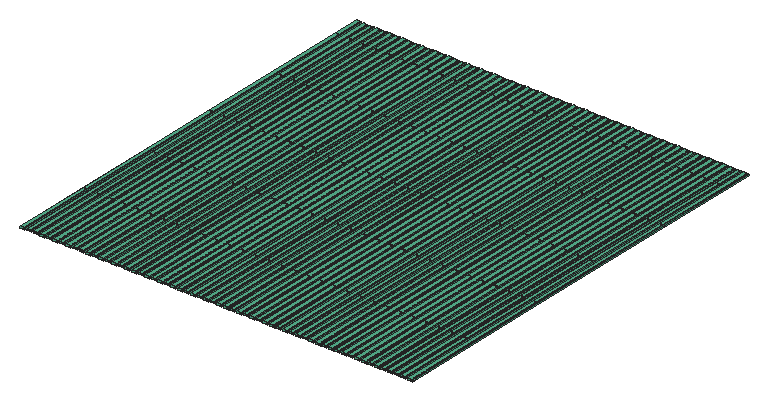
Revit family "2313-4, Veneer", category Generic Models, host Ceiling, Revit 2020
Family settings
  Host = Ceiling
  Can host rebar = No
  Round Connector Dimension = Use Diameter
  Part Type = Normal
  Always vertical = Yes
  Cut with Voids When Loaded = No
  Shared = No
  Room Calculation Point = No
Parameters
  OC SPACING [instance] = .. MEMBER WIDTH + 0' 0 3/4"  # 0' - 3"
  PROJECT WIDTH [instance] = 15' - 0"
  PROJECT LENGTH [instance] = 16' - 0"
  PANELS COUNT 2 [instance] = rounddown((PROJECT LENGTH - .. MEMBER LENGTH 3) / .. MEMBER LENGTH 2)  # 2
  PANELS COUNT [instance] = rounddown(PROJECT LENGTH / .. MEMBER LENGTH 2)  # 2
  MEMBER WIDTH COUNT 2 [instance] = (PROJECT WIDTH / OC SPACING) / 2  # 30
  .. MEMBER WIDTH COUNT [instance] = (PROJECT WIDTH / OC SPACING) / 2  # 30
  .. MEMBER MATERIAL [instance] = 9WOOD WESTERN HEMLOCK
  .. MEMBER LENGTH 4 [instance] = ((PROJECT LENGTH - .. MEMBER LENGTH 3) - (PANELS COUNT 2 * .. MEMBER LENGTH 2))  # 1' - 0"
  .. MEMBER LENGTH 3 [instance] = .. MEMBER LENGTH 2 / 2  # 3' - 0"
  INDENT [instance] = 0' - 0 5/8"
  Default Elevation = 0' - 0"
  .. MEMBER WIDTH [instance] = 0' - 2 1/4"  # constant formula
  .. MEMBER LENGTH 2 [instance] = 6' - 0"
  .. MEMBER LENGTH [instance] = PROJECT LENGTH - (PANELS COUNT * .. MEMBER LENGTH 2)  # 4' - 0"
  .. MEMBER DEPTH [instance] = 0' - 0 3/4"
Reference planes (in)
  plane 1 "Center (Front/Back)": y = 0
  plane 2 "Ceiling": z = 96
  plane 3 "Center (Left/Right)": x = 0
  plane 4: y = 72
  plane 5: y = 144
  plane 6: y = 108
  plane 7: y = 36
  plane 8: y = 192
  plane 9: y = 144
  plane 10: y = 180
  plane 11: x = 180
  plane 12: x = 3
Dimensions and locks (in)
  equal spacing: host sketch curve, plane 3 "Center (Left/Right)", host sketch curve
  equal spacing: host sketch curve, plane 1 "Center (Front/Back)", host sketch curve
  host sketch curve to host sketch curve = 10' - 0"  (x2)
  group 1 to group 2 = 0' - 0"  (x2)
  group 1 to group 2 = 6' - 0"
  ".. MEMBER LENGTH 2": plane 5 to plane 4
  ".. MEMBER LENGTH 2": plane 6 to plane 7
  "PROJECT LENGTH": plane 1 "Center (Front/Back)" to plane 8
  group 3 to group 4 = 0' - 0"  (x2)
  group 3 to group 4 = 6' - 0"
  ".. MEMBER LENGTH 3": plane 1 "Center (Front/Back)" to plane 7
  ".. MEMBER LENGTH 2": plane 1 "Center (Front/Back)" to plane 4
  ".. MEMBER LENGTH": plane 8 to plane 9
  ".. MEMBER LENGTH 4": plane 8 to plane 10
  "PROJECT WIDTH": plane 3 "Center (Left/Right)" to plane 11
  "OC SPACING": plane 3 "Center (Left/Right)" to plane 12
  aligned and locked: plane 1 "Center (Front/Back)" to nested 1
  aligned and locked: nested 2 to plane 4
  aligned and locked: nested 4 to plane 4
  aligned and locked: plane 7 to nested 3
  aligned and locked: plane 6 to nested 3
  aligned and locked: nested 6 to plane 6
  aligned and locked: nested 5 to plane 9
  aligned and locked: nested 7 to plane 10
  aligned and locked: plane 12 to nested 2
  aligned and locked: plane 12 to nested 4
  aligned and locked: plane 12 to nested 5
Nested families (in)
  nested 1: "(COPY 1) 2300 STAGGERED" at (0, 0, 85.44644), .. MEMBER DEPTH <- ".. MEMBER DEPTH", .. MEMBER WIDTH <- ".. MEMBER WIDTH", INDENT <- "INDENT", MEMBER LENGTH <- ".. MEMBER LENGTH 3", REVEAL <- "OC SPACING", MEMBER 1 COUNT <- ".. MEMBER WIDTH COUNT", .. MEMBER MATERIAL <- ".. MEMBER MATERIAL", type "(COPY 1) 2300 STAGGERED"
    with REVEAL X2 0' - 6", REVEAL 0' - 3", MEMBER LENGTH 2 1' - 6", MEMBER LENGTH 3' - 0", MEMBER COUNT 2 5, MEMBER 1 COUNT 30, INDENT 0' - 0 5/8", .. MEMBER WIDTH 0' - 2 1/4", .. MEMBER MATERIAL 9WOOD WESTERN HEMLOCK, .. MEMBER DEPTH 0' - 0 3/4"
  nested 2: "(COPY 1) 2300 STAGGERED" at (3, 0, 85.44644), .. MEMBER DEPTH <- ".. MEMBER DEPTH", .. MEMBER WIDTH <- ".. MEMBER WIDTH", INDENT <- "INDENT", MEMBER LENGTH <- ".. MEMBER LENGTH 2", MEMBER 1 COUNT <- "MEMBER WIDTH COUNT 2", REVEAL <- "OC SPACING", .. MEMBER MATERIAL <- ".. MEMBER MATERIAL", type "(COPY 1) 2300 STAGGERED"
    with REVEAL X2 0' - 6", REVEAL 0' - 3", MEMBER LENGTH 2 3' - 0", MEMBER LENGTH 6' - 0", MEMBER COUNT 2 5, MEMBER 1 COUNT 30, INDENT 0' - 0 5/8", .. MEMBER WIDTH 0' - 2 1/4", .. MEMBER MATERIAL 9WOOD WESTERN HEMLOCK, .. MEMBER DEPTH 0' - 0 3/4"
  nested 3: "(COPY 1) 2300 STAGGERED" at (0, 36, 85.44644), .. MEMBER DEPTH <- ".. MEMBER DEPTH", .. MEMBER WIDTH <- ".. MEMBER WIDTH", INDENT <- "INDENT", MEMBER LENGTH <- ".. MEMBER LENGTH 2", MEMBER 1 COUNT <- ".. MEMBER WIDTH COUNT", REVEAL <- "OC SPACING", .. MEMBER MATERIAL <- ".. MEMBER MATERIAL", type "(COPY 1) 2300 STAGGERED"
    with REVEAL X2 0' - 6", REVEAL 0' - 3", MEMBER LENGTH 2 3' - 0", MEMBER LENGTH 6' - 0", MEMBER COUNT 2 5, MEMBER 1 COUNT 30, INDENT 0' - 0 5/8", .. MEMBER WIDTH 0' - 2 1/4", .. MEMBER MATERIAL 9WOOD WESTERN HEMLOCK, .. MEMBER DEPTH 0' - 0 3/4"
  nested 4: "(COPY 1) 2300 STAGGERED" at (3, 72, 85.44644), .. MEMBER DEPTH <- ".. MEMBER DEPTH", .. MEMBER WIDTH <- ".. MEMBER WIDTH", INDENT <- "INDENT", MEMBER LENGTH <- ".. MEMBER LENGTH 2", MEMBER 1 COUNT <- "MEMBER WIDTH COUNT 2", REVEAL <- "OC SPACING", .. MEMBER MATERIAL <- ".. MEMBER MATERIAL", type "(COPY 1) 2300 STAGGERED"
    with REVEAL X2 0' - 6", REVEAL 0' - 3", MEMBER LENGTH 2 3' - 0", MEMBER LENGTH 6' - 0", MEMBER COUNT 2 5, MEMBER 1 COUNT 30, INDENT 0' - 0 5/8", .. MEMBER WIDTH 0' - 2 1/4", .. MEMBER MATERIAL 9WOOD WESTERN HEMLOCK, .. MEMBER DEPTH 0' - 0 3/4"
  nested 5: "(COPY 1) 2300 STAGGERED" at (3, 144, 85.44644), .. MEMBER DEPTH <- ".. MEMBER DEPTH", .. MEMBER WIDTH <- ".. MEMBER WIDTH", INDENT <- "INDENT", MEMBER LENGTH <- ".. MEMBER LENGTH", REVEAL <- "OC SPACING", MEMBER 1 COUNT <- "MEMBER WIDTH COUNT 2", .. MEMBER MATERIAL <- ".. MEMBER MATERIAL", type "(COPY 1) 2300 STAGGERED"
    with REVEAL X2 0' - 6", REVEAL 0' - 3", MEMBER LENGTH 2 2' - 0", MEMBER LENGTH 4' - 0", MEMBER COUNT 2 5, MEMBER 1 COUNT 30, INDENT 0' - 0 5/8", .. MEMBER WIDTH 0' - 2 1/4", .. MEMBER MATERIAL 9WOOD WESTERN HEMLOCK, .. MEMBER DEPTH 0' - 0 3/4"
  nested 6: "(COPY 1) 2300 STAGGERED" at (0, 108, 85.44644), .. MEMBER DEPTH <- ".. MEMBER DEPTH", .. MEMBER WIDTH <- ".. MEMBER WIDTH", INDENT <- "INDENT", MEMBER LENGTH <- ".. MEMBER LENGTH 2", MEMBER 1 COUNT <- ".. MEMBER WIDTH COUNT", REVEAL <- "OC SPACING", .. MEMBER MATERIAL <- ".. MEMBER MATERIAL", type "(COPY 1) 2300 STAGGERED"
    with REVEAL X2 0' - 6", REVEAL 0' - 3", MEMBER LENGTH 2 3' - 0", MEMBER LENGTH 6' - 0", MEMBER COUNT 2 5, MEMBER 1 COUNT 30, INDENT 0' - 0 5/8", .. MEMBER WIDTH 0' - 2 1/4", .. MEMBER MATERIAL 9WOOD WESTERN HEMLOCK, .. MEMBER DEPTH 0' - 0 3/4"
  nested 7: "(COPY 1) 2300 STAGGERED" at (0, 180, 85.44644), .. MEMBER DEPTH <- ".. MEMBER DEPTH", .. MEMBER WIDTH <- ".. MEMBER WIDTH", INDENT <- "INDENT", MEMBER LENGTH <- ".. MEMBER LENGTH 4", REVEAL <- "OC SPACING", MEMBER 1 COUNT <- ".. MEMBER WIDTH COUNT", .. MEMBER MATERIAL <- ".. MEMBER MATERIAL", type "(COPY 1) 2300 STAGGERED"
    with REVEAL X2 0' - 6", REVEAL 0' - 3", MEMBER LENGTH 2 0' - 6", MEMBER LENGTH 1' - 0", MEMBER COUNT 2 3, MEMBER 1 COUNT 30, INDENT 0' - 0 5/8", .. MEMBER WIDTH 0' - 2 1/4", .. MEMBER MATERIAL 9WOOD WESTERN HEMLOCK, .. MEMBER DEPTH 0' - 0 3/4"
Definition of nested family "(COPY 1) 2300 STAGGERED"
  Parameters (values of type "(COPY 1) 2300 STAGGERED")
    REVEAL X2 [instance] = REVEAL * 2  # 0' - 8"
    REVEAL [instance] = 0' - 4"
    MEMBER LENGTH 2 [instance] = MEMBER LENGTH / 2  # 3' - 0"
    MEMBER LENGTH [instance] = 6' - 0"
    MEMBER COUNT 2 [instance] = 5
    MEMBER 1 COUNT [instance] = 5
    INDENT [instance] = 0' - 0 5/8"
    Default Elevation = 0' - 0"
    .. MEMBER WIDTH [instance] = 0' - 3 1/4"
    .. MEMBER MATERIAL [instance] = none
    .. MEMBER DEPTH [instance] = 0' - 0 3/4"
  Reference planes (in)
    plane 1 "Center (Front/Back)": y = 0
    plane 2: z = 0
    plane 3 "Center (Left/Right)": x = 0
    plane 4: x = 8
    plane 5: x = 4
    plane 6: x = 12
  Dimensions and locks (in)
    equal spacing: group 1, group 2, group 3, group 4, group 5  (x3)
    "REVEAL X2": plane 3 "Center (Left/Right)" to plane 4
    "REVEAL": plane 3 "Center (Left/Right)" to plane 5
    "REVEAL X2": plane 5 to plane 6
    aligned and locked: plane 2 to level
    aligned and locked: plane 4 to nested 2
    aligned and locked: plane 1 "Center (Front/Back)" to nested 1
    aligned and locked: plane 1 "Center (Front/Back)" to nested 2
    aligned and locked: nested 2 to plane 4
  Nested families (in)
    nested 1: "2300 DEV" at (0, 0, 0), MEMBER LENGTH <- "MEMBER LENGTH", MEMBER MATERIAL <- ".. MEMBER MATERIAL", MEMBER WIDTH <- ".. MEMBER WIDTH", MEMBER DEPTH <- ".. MEMBER DEPTH", INDENT <- "INDENT", type "2300 DEV"
      with MEMBER WIDTH 0' - 3 1/4", MEMBER MATERIAL none, MEMBER LENGTH 6' - 0", MEMBER DEPTH 0' - 0 3/4", INDENT 0' - 0 5/8"
    nested 2: "2300 DEV" at (8, 0, 0), MEMBER LENGTH <- "MEMBER LENGTH", MEMBER MATERIAL <- ".. MEMBER MATERIAL", MEMBER WIDTH <- ".. MEMBER WIDTH", MEMBER DEPTH <- ".. MEMBER DEPTH", INDENT <- "INDENT", type "2300 DEV"
      with MEMBER WIDTH 0' - 3 1/4", MEMBER MATERIAL none, MEMBER LENGTH 6' - 0", MEMBER DEPTH 0' - 0 3/4", INDENT 0' - 0 5/8"
    nested 3: "2300 DEV" at (16, 0, 0), MEMBER LENGTH <- "MEMBER LENGTH", MEMBER MATERIAL <- ".. MEMBER MATERIAL", MEMBER WIDTH <- ".. MEMBER WIDTH", MEMBER DEPTH <- ".. MEMBER DEPTH", INDENT <- "INDENT", type "2300 DEV"
      with MEMBER WIDTH 0' - 3 1/4", MEMBER MATERIAL none, MEMBER LENGTH 6' - 0", MEMBER DEPTH 0' - 0 3/4", INDENT 0' - 0 5/8"
    nested 4: "2300 DEV" at (24, 0, 0), MEMBER LENGTH <- "MEMBER LENGTH", MEMBER MATERIAL <- ".. MEMBER MATERIAL", MEMBER WIDTH <- ".. MEMBER WIDTH", MEMBER DEPTH <- ".. MEMBER DEPTH", INDENT <- "INDENT", type "2300 DEV"
      with MEMBER WIDTH 0' - 3 1/4", MEMBER MATERIAL none, MEMBER LENGTH 6' - 0", MEMBER DEPTH 0' - 0 3/4", INDENT 0' - 0 5/8"
    nested 5: "2300 DEV" at (32, 0, 0), MEMBER LENGTH <- "MEMBER LENGTH", MEMBER MATERIAL <- ".. MEMBER MATERIAL", MEMBER WIDTH <- ".. MEMBER WIDTH", MEMBER DEPTH <- ".. MEMBER DEPTH", INDENT <- "INDENT", type "2300 DEV"
      with MEMBER WIDTH 0' - 3 1/4", MEMBER MATERIAL none, MEMBER LENGTH 6' - 0", MEMBER DEPTH 0' - 0 3/4", INDENT 0' - 0 5/8"
  Definition of nested family "2300 DEV"
    Parameters (values of type "2300 DEV")
      MEMBER WIDTH [instance] = 0' - 2 1/4"
      MEMBER MATERIAL [instance] = none
      MEMBER LENGTH [instance] = 2' - 6"
      MEMBER DEPTH [instance] = 0' - 0 5/8"
      INDENT [instance] = 0' - 0 5/8"
      Default Elevation = 0' - 0"
    Reference planes (in)
      plane 1 "Center (Front/Back)": y = 0
      plane 2: z = 10.55356
      plane 3 "Center (Left/Right)": x = 0
      plane 4: x = 2.25
      plane 5: x = 1.625
      plane 6: x = 0.625
      plane 7: z = 9.92856
      plane 8: x = 0.25
      plane 9: x = 2
      plane 10: y = 30
    Forms (in)
      Extrusion 1, void, not visible
        sketch origin (-0.375, 0, 0) x (1, 0, 0) y (0, 0, 1)
          loop
            line (4.125, 11.30356) -> (4.125, 11.17856) -> (4.0625, 11.11606) -> (3.75, 11.11606) -> (3.75, 10.92856) -> (4.25, 10.92856) -> (4.65478, 10.92856) -> (4.65478, 11.30356) -> (4.25, 11.30356) -> (4.125, 11.30356)
        from 0 to 30
      Extrusion 2, void, not visible
        sketch origin (4.5, 0, 0) x (-1, 0, 0) y (0, 0, 1)
          loop
            line (4.5, 11.30356) -> (4.25, 11.30356) -> (4.25, 11.17856) -> (4.1875, 11.11606) -> (3.875, 11.11606) -> (3.875, 10.92856) -> (4.78125, 10.92856) -> (4.78125, 11.30356) -> (4.5, 11.30356)
        from 0 to 30
      Extrusion 3, solid, material <- "MEMBER MATERIAL"
        sketch origin (0, 0, -0.75) x (1, 0, 0) y (0, 0, 1)
          loop
            line (0, 11.30356) -> (0, 10.67856) -> (2.25, 10.67856) -> (2.25, 11.30356) -> (0, 11.30356)
        from 0 to -30
      Extrusion 4, void
        sketch origin (0, 0, 0) x (1, 0, 0) y (0, 0, 1)
          loop
            line (2.53125, 10.55356) -> (2, 10.55356) -> (2, 10.42856) -> (1.9375, 10.36606) -> (1.625, 10.36606) -> (1.625, 10.17856) -> (2.53125, 10.17856) -> (2.53125, 10.55356)
        from 0 to -30
      Extrusion 5, void, not visible
        sketch origin (0, 0, 0) x (1, 0, 0) y (0, 0, 1)
          loop
            line (2.53125, 10.55356) -> (2, 10.55356) -> (2, 10.42856) -> (1.9375, 10.36606) -> (1.625, 10.36606) -> (1.625, 10.17856) -> (2.53125, 10.17856) -> (2.53125, 10.55356)
        from 0 to 12
      Extrusion 6, void
        sketch origin (0, 0, 0) x (1, 0, 0) y (0, 0, 1)
          loop
            line (-0.28125, 10.55356) -> (-0.28125, 10.17856) -> (0.625, 10.17856) -> (0.625, 10.36606) -> (0.3125, 10.36606) -> (0.25, 10.42856) -> (0.25, 10.55356) -> (-0.28125, 10.55356)
        from 0 to -30
    Cuts and joins
      Extrusion 4, Extrusion 6 cuts Extrusion 3
    Lines and regions (in)
      model lines, not visible
        curve 1: line (9.45582, 0, 10.55356) -> (14.70582, 0, 10.55356)
        curve 2: line (14.70582, 0, 10.55356) -> (14.70582, 0, 10.92856)
        curve 3: line (14.70582, 0, 10.92856) -> (14.20582, 0, 10.92856)
        curve 4: line (14.20582, 0, 10.92856) -> (14.20582, 0, 11.11606)
        curve 5: line (14.20582, 0, 11.11606) -> (14.51832, 0, 11.11606)
        curve 6: line (14.58082, 0, 11.30356) -> (14.58082, 0, 11.17856)
        curve 7: line (14.58082, 0, 11.17856) -> (14.51832, 0, 11.11606)
        curve 8: line (14.58082, 0, 11.30356) -> (9.58082, 0, 11.30356)
        curve 9: line (9.45582, 0, 10.55356) -> (9.45582, 0, 10.92856)
        curve 10: line (9.45582, 0, 10.92856) -> (9.95582, 0, 10.92856)
        curve 11: line (9.95582, 0, 10.92856) -> (9.95582, 0, 11.11606)
        curve 12: line (9.95582, 0, 11.11606) -> (9.64332, 0, 11.11606)
        curve 13: line (9.58082, 0, 11.30356) -> (9.58082, 0, 11.17856)
        curve 14: line (9.58082, 0, 11.17856) -> (9.64332, 0, 11.11606)
        curve 15: line (5.25, 0, 10.55356) -> (5.25, 0, 10.92856)
        curve 16: line (5.25, 0, 10.92856) -> (4.75, 0, 10.92856)
        curve 17: line (4.75, 0, 10.92856) -> (4.75, 0, 11.11606)
        curve 18: line (4.75, 0, 11.11606) -> (5.0625, 0, 11.11606)
        curve 19: line (5.125, 0, 11.30356) -> (5.125, 0, 11.17856)
        curve 20: line (5.125, 0, 11.17856) -> (5.0625, 0, 11.11606)
    Dimensions and locks (in)
      "MEMBER WIDTH": plane 3 "Center (Left/Right)" to plane 4
      "INDENT": plane 4 to plane 5
      "INDENT": plane 6 to plane 3 "Center (Left/Right)"
      "MEMBER DEPTH": plane 7 to level
      locked: plane 5 to plane 9 at 0.375
      locked: plane 8 to plane 6 at 0.375
      "MEMBER LENGTH": plane 1 "Center (Front/Back)" to plane 10
      aligned and locked: plane 2 to level
      aligned and locked: Extrusion 3 sketch curve to plane 4
      aligned and locked: plane 7 to Extrusion 3
      aligned and locked: level to Extrusion 3
      aligned and locked: Extrusion 3 to plane 1 "Center (Front/Back)"
      aligned and locked: cut or joined group of Extrusion 3, Extrusion 4, Extrusion 6 to plane 5
      aligned and locked: plane 6 to cut or joined group of Extrusion 3, Extrusion 4, Extrusion 6
      aligned and locked: plane 1 "Center (Front/Back)" to cut or joined group of Extrusion 3, Extrusion 4, Extrusion 6
      aligned and locked: plane 9 to cut or joined group of Extrusion 3, Extrusion 4, Extrusion 6
      aligned and locked: plane 8 to cut or joined group of Extrusion 3, Extrusion 4, Extrusion 6
      aligned and locked: plane 10 to cut or joined group of Extrusion 3, Extrusion 4, Extrusion 6
      aligned and locked: plane 10 to Extrusion 4
      aligned and locked: plane 10 to Extrusion 6
    Automatic sketch dimensions
      Extrusion 1 sketch curve to Extrusion 1 sketch curve = 0' - 0 1/16"  (x2)
      Extrusion 1 sketch curve to Extrusion 1 sketch curve = 0' - 0.40478"
      Extrusion 1 sketch curve to Extrusion 1 sketch curve = 0' - 0 3/16"  (x2)
      Extrusion 1 sketch curve to Extrusion 1 sketch curve = 0' - 0 1/8"  (x2)
      Extrusion 1 sketch curve to Extrusion 1 sketch curve = 0' - 0 5/16"
      Extrusion 2 sketch curve to Extrusion 2 sketch curve = 0' - 0 3/16"  (x2)
      Extrusion 2 sketch curve to Extrusion 2 sketch curve = 0' - 0 1/16"  (x2)
      Extrusion 2 sketch curve to Extrusion 2 sketch curve = 0' - 0 9/32"
      Extrusion 2 sketch curve to Extrusion 2 sketch curve = 0' - 0 1/4"
      Extrusion 2 sketch curve to Extrusion 2 sketch curve = 0' - 0 5/16"
      Extrusion 4 sketch curve to Extrusion 4 sketch curve = 0' - 0 5/16"
      Extrusion 4 sketch curve to Extrusion 4 sketch curve = 0' - 0 1/16"  (x2)
      Extrusion 4 sketch curve to Extrusion 4 sketch curve = 0' - 0 3/16"
      Extrusion 4 sketch curve to Extrusion 4 sketch curve = 0' - 0 17/32"
      Extrusion 4 sketch curve to Extrusion 4 sketch curve = 0' - 0 3/8"
      Extrusion 5 sketch curve to Extrusion 5 sketch curve = 0' - 0 5/16"
      Extrusion 5 sketch curve to Extrusion 5 sketch curve = 0' - 0 1/16"  (x2)
      Extrusion 5 sketch curve to Extrusion 5 sketch curve = 0' - 0 3/16"
      Extrusion 5 sketch curve to Extrusion 5 sketch curve = 0' - 0 17/32"
      Extrusion 5 sketch curve to Extrusion 5 sketch curve = 0' - 0 3/8"
      Extrusion 6 sketch curve to Extrusion 6 sketch curve = 0' - 0 5/16"
      Extrusion 6 sketch curve to Extrusion 6 sketch curve = 0' - 0 1/16"  (x2)
      Extrusion 6 sketch curve to Extrusion 6 sketch curve = 0' - 0 3/16"
      Extrusion 6 sketch curve to Extrusion 6 sketch curve = 0' - 0 17/32"
      Extrusion 6 sketch curve to Extrusion 6 sketch curve = 0' - 0 3/8"
      Extrusion 3 sketch curve to plane 3 "Center (Left/Right)" = 0' - 0"
      Extrusion 3 sketch curve to plane 7 = 0' - 0"
      Extrusion 3 sketch curve to level = 0' - 0"
      Extrusion 4 sketch curve to plane 5 = 0' - 0"
      Extrusion 4 sketch curve to level = 0' - 0"
      Extrusion 6 sketch curve to level = 0' - 0"
      Extrusion 6 sketch curve to plane 6 = 0' - 0"
